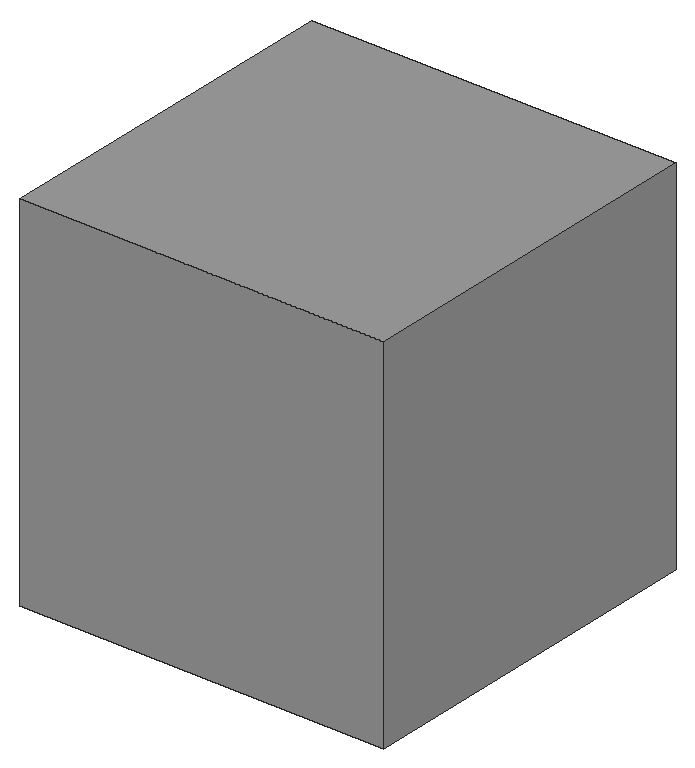
Revit family "Pull Box", category Electrical Fixtures, Revit 2022
Family settings
  Round Connector Dimension = Use Diameter
  Part Type = Normal
  OmniClass Number = 23.80.00.00
  OmniClass Title = Electric Power and Lighting
  Work Plane-Based = No
  Always vertical = Yes
  Cut with Voids When Loaded = No
  Maintain Annotation Orientation = No
  Shared = No
  Room Calculation Point = No
Parameters
  Width [instance] = 200 mm
  SubSquare [instance] = 200 mm
  Material Code [instance] = ""
  LargeSquare [instance] = 200 mm
  IsAutoCalculatePullBoxSize [instance] = ""
  Height [instance] = 200 mm
  Depth [instance] = 200 mm
  Default Elevation = 0 mm
Reference planes
  plane 1 "Center (Front/Back)": y = 0
  plane 2: z = 0
  plane 3 "Center (Left/Right)": x = 0
  plane 4: x = -100
  plane 5: x = 100
  plane 6: y = 100
  plane 7: y = -100
Forms (mm)
  Extrusion 1, solid, material "Default"
    sketch origin (0, 0, 0) x (1, 0, 0) y (0, 1, 0)
      loop
        line (-100, 100) -> (-100, -100) -> (100, -100) -> (100, 100) -> (-100, 100)
    from -100 to 100
Lines and regions (mm)
  model lines, style "Pull Box Line"
    curve 1: line (-100, 100, 100) -> (100, -100, 100)
    curve 2: line (100, 100, 100) -> (-100, -100, 100)
Dimensions and locks
  "Height": Extrusion 1 to Extrusion 1
  equal spacing: Extrusion 1, level, Extrusion 1
  equal spacing: plane 4, plane 3 "Center (Left/Right)", plane 5
  "Width": plane 4 to plane 5
  equal spacing: plane 7, plane 1 "Center (Front/Back)", plane 6
  "Depth": plane 7 to plane 6
  aligned and locked: level to plane 2
  aligned and locked: plane 6 to Extrusion 1 sketch curve
  aligned and locked: Extrusion 1 sketch curve to plane 7
  aligned and locked: Extrusion 1 sketch curve to plane 5
  aligned and locked: plane 4 to Extrusion 1 sketch curve
Automatic sketch dimensions
  curve 2 to plane 4 = 0 mm
  curve 1 to plane 4 = 0 mm
  curve 2 to plane 5 = 0 mm
  curve 1 to plane 5 = 0 mm
  plane 7 to curve 1 = 0 mm
  plane 7 to curve 2 = 0 mm
  plane 6 to curve 2 = 0 mm
  plane 6 to curve 1 = 0 mm
Connectors
  cabletrayconduit at (0, 0, 100), diameter 16
    settings: on Extrusion 1, index 1, connector width 300 mm, connector height 300 mm, connector angle 0.00°, system type 32, placement type 0, profile type 0, connector reference index -1, is primary connector yes, connector utility param no, connector description "Top"
  cabletrayconduit at (0, 100, 0), diameter 16
    settings: on Extrusion 1, index 2, connector width 300 mm, connector height 300 mm, connector angle 0.00°, system type 32, placement type 0, profile type 0, connector reference index -1, is primary connector no, connector utility param no, connector description "Back"
  cabletrayconduit at (0, -100, 0), diameter 16
    settings: on Extrusion 1, index 3, connector width 300 mm, connector height 300 mm, connector angle 0.00°, system type 32, placement type 0, profile type 0, connector reference index -1, is primary connector no, connector utility param no, connector description "Front"
  cabletrayconduit at (-100, 0, 0), diameter 16
    settings: on Extrusion 1, index 4, connector width 300 mm, connector height 300 mm, connector angle 0.00°, system type 32, placement type 0, profile type 0, connector reference index -1, is primary connector no, connector utility param no, connector description "Left"
  cabletrayconduit at (100, 0, 0), diameter 16
    settings: on Extrusion 1, index 5, connector width 300 mm, connector height 300 mm, connector angle 0.00°, system type 32, placement type 0, profile type 0, connector reference index -1, is primary connector no, connector utility param no, connector description "Right"
  cabletrayconduit at (0, 0, -100), diameter 16
    settings: on Extrusion 1, index 6, connector width 300 mm, connector height 300 mm, connector angle 0.00°, system type 32, placement type 0, profile type 0, connector reference index -1, is primary connector no, connector utility param no, connector description "Bottom"
